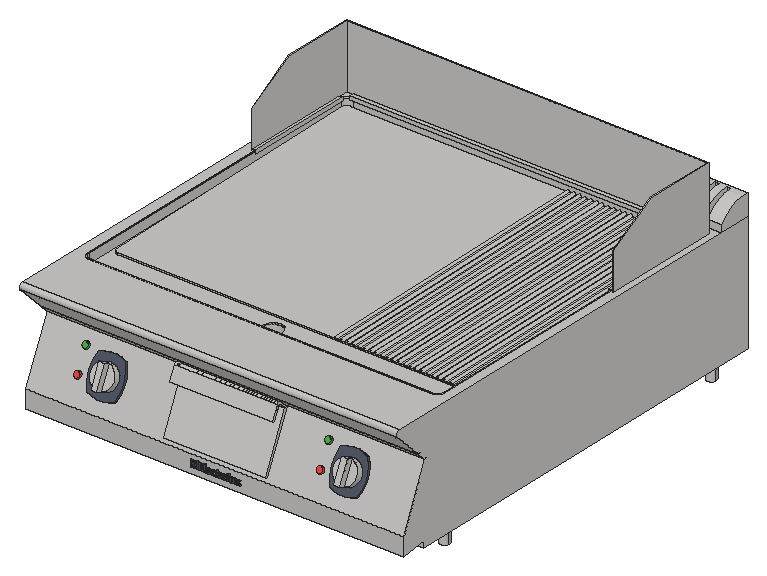
Revit family "QF_ELECTROLUXPROFESSIONAL_391177_E9FTEHCP0N", category Specialty Equipment, Revit 2018
Family settings
  Round Connector Dimension = Use Diameter
  Part Type = Normal
  Work Plane-Based = No
  Always vertical = Yes
  Cut with Voids When Loaded = No
  Shared = No
  Room Calculation Point = No
Parameters
  Width = 800 mm  # constant formula
  Weight in Pounds = 105  # constant formula
  Watts = 15000 VA  # 15000 W
  Volts = 230 V  # constant formula
  URL Cutsheet = "www.electrolux.com"
  URL = "www.electrolux.com"
  Type Mark [instance] = ""
  Status [instance] = ""
  Specification by User [instance] = ""
  Specification by Manufacturer = ""
  Show Logo [instance] = yes
  Show Clearance [instance] = yes
  Serial Number = ""
  Seismic Rating = ""
  SMACNA No = ""
  Revision Code [instance] = ""
  Phase = 3
  Omniclass Number and Title = ""
  Number of Poles [instance] = 1
  NAFEM Spec ID Number = ""
  Model = "391177"
  Min Ckt Ampacity = 0 A
  Max Overcurrent Protection = 0 A
  Masterspec = ""
  Manufacturer = "ELECTROLUX"
  Item Number [instance] = ""
  Installed By [instance] = ""
  Identify Quantity as Lot [instance] = yes
  HP = "20.1 HP"
  Furnished By [instance] = ""
  Foodservice Equipment Identifier [instance] = yes
  FL Amps = if(Phase = 3, Watts / (Volts * 1.73), Watts / Volts)  # 37.6979 A
  Electrical Remarks [instance] = "230 V/3 ph/50/60 Hz"  # constant formula
  Electric Connection Type [instance] = ""
  Elec Conn RI Height [instance] = 0 mm
  Elec Conn Connection Height [instance] = 0 mm
  Direct Waste Size = 0"
  Description = "900XP FULL MODULE ELECTRIC FRY TOP,2/3 SMOOTH - 1/3 RIBBED SLOPED PLATE,CHROMIUM PLATED - 230 V"
  Depth = 930 mm  # constant formula
  Cycle = if([60 Hertz Option], 60 Hz, 50 Hz)  # 50 Hz
  Conn Plug = ""
  Conn Conduit = yes
  CSI MasterFormat = ""
  CSI Master Format = ""
  Apparent Power = if(Phase = 3, Volts * FL Amps * 1.73, Volts * FL Amps)  # 15000 VA
  60 Hertz Option = not([50 Hertz Option])  # no
  50 Hertz Option = yes
Reference planes
  plane 1 "BACK": y = 0
  plane 2: z = 0
  plane 3 "LEFT": x = 0
  plane 4 "RIGHT": x = 800
  plane 5 "FRONT": y = -930
  plane 6 "TOP": z = 275
  plane 7 "Center Y": x = 400
  plane 8 "Center X": y = -465
  plane 9: y = -1045
  plane 10: z = 24
  plane 11: z = 290
  plane 12: z = 410
  plane 13: x = 11
  plane 14: x = 789
  plane 15: x = 740
Forms (mm)
  Extrusion 1, solid, material "QF_Finishes_Stainless Steel"
    sketch origin (0, 0, 0) x (0, 1, 0) y (0, 0, 1)
      loop
        line (0, 275) -> (-922.686, 275)
        arc (-922.686, 275) -> (-929.443, 270.485) -> (-927.858, 262.514) r 7.314
        line (-927.858, 262.514) -> (-873.907, 208.563) -> (-865.773, 208.563) -> (-865.773, 206.447) -> (-871.79, 206.447) -> (-858.907, 193.563) -> (-850.773, 193.563) -> (-850.773, 191.447) -> (-856.79, 191.447) -> (-913.146, 69.003) -> (-913.146, 30.903) -> (-859.774, 36.513) -> (-859.774, 24) -> (0, 24) -> (0, 275)
    from 0 to 800
  Extrusion 2, solid, material "QF_Finishes_Stainless Steel"
    sketch origin (0, 0, 0) x (1, 0, 0) y (0, 1, 0)
      loop
        circle (11, -82) r 9.525
      loop
        circle (11, -790) r 9.525
      loop
        circle (789, -82) r 9.525
      loop
        circle (789, -790) r 9.525
    from 0 to 24
  Extrusion 3, solid, material "QF_Finishes_Stainless Steel"
    sketch origin (635, 190.152, 275) x (0, -1, 0) y (1, 0, 0)
      loop
        line (273.542, 147.97) -> (273.542, -617.97) -> (275.13, -617.97) -> (275.13, 147.97) -> (273.542, 147.97)
    from 0 to 135
  Extrusion 4, void
    sketch origin (0, 0, 275) x (0, -1, 0) y (1, 0, 0)
      loop
        arc (92.539, 37.03) -> (96.932, 26.423) -> (107.539, 22.03) r 15
        line (107.539, 22.03) -> (777.539, 22.03)
        arc (777.539, 22.03) -> (788.145, 26.423) -> (792.539, 37.03) r 15
        line (792.539, 37.03) -> (792.539, 762.97)
        arc (792.539, 762.97) -> (788.145, 773.577) -> (777.539, 777.97) r 15
        line (777.539, 777.97) -> (107.539, 777.97)
        arc (107.539, 777.97) -> (96.932, 773.577) -> (92.539, 762.97) r 15
        line (92.539, 762.97) -> (92.539, 37.03)
    from 0 to -21.588
  Sweep 5, solid, material "QF_Finishes_Stainless Steel"
    path origin (0, 0, 0) x (1, 0, 0) y (0, 1, 0)
      loop
        line (22.03, -107.539) -> (22.03, -777.539)
        arc (22.03, -777.539) -> (26.423, -788.145) -> (37.03, -792.539) r 15
        line (37.03, -792.539) -> (762.97, -792.539)
        arc (762.97, -792.539) -> (773.577, -788.145) -> (777.97, -777.539) r 15
        line (777.97, -777.539) -> (777.97, -107.539)
        arc (777.97, -107.539) -> (773.577, -96.932) -> (762.97, -92.539) r 15
        line (762.97, -92.539) -> (37.03, -92.539)
        arc (37.03, -92.539) -> (26.423, -96.932) -> (22.03, -107.539) r 15
    profile origin (22.03, -442.539, 0) x (1, 0, 0) y (0, 0, 1)
      loop
        line (0, 255) -> (1.588, 255) -> (1.588, 272.855)
        arc (1.588, 272.855) -> (1.147, 274.189) -> (0, 275) r 2.242
        line (0, 275) -> (0, 255)
  Extrusion 6, solid, material "QF_Finishes_Stainless Steel"
    sketch origin (0, 0, 0) x (1, 0, 0) y (0, 0, 1)
      loop
        line (17.03, 275.856) -> (23.926, 275.856) -> (23.926, 270.856) -> (25.514, 270.856) -> (25.514, 277.444) -> (17.03, 277.444) -> (17.03, 275.856)
      loop
        line (782.97, 275.856) -> (782.97, 277.444) -> (774.486, 277.444) -> (774.486, 270.856) -> (776.074, 270.856) -> (776.074, 275.856) -> (782.97, 275.856)
    from 105.541 to 335.39
  Extrusion 7, solid, material "QF_Finishes_Stainless Steel"
    sketch origin (0, 0, 0) x (0, 1, 0) y (0, 0, 1)
      loop
        line (-94.126, 270.856) -> (-94.126, 275.856) -> (-84.978, 275.856) -> (-84.978, 277.444) -> (-95.714, 277.444) -> (-95.714, 270.856) -> (-94.126, 270.856)
    from 32.03 to 767.97
  Extrusion 8, solid, material "QF_Finishes_Stainless Steel"
    sketch origin (0, -101.6, 24) x (-1, 0, 0) y (0, 1, 0)
      loop
        circle (-740, -482.4) r 6.35
    from 0 to 5
  Extrusion 9, solid, material "QF_Clearances", visible <- "Show Clearance", detail levels coarse
    sketch origin (0, 0, 0) x (1, 0, 0) y (0, 1, 0)
      loop
        line (0, 0) -> (800, 0) -> (800, -930) -> (900, -930) -> (900, 100) -> (-100, 100) -> (-100, -930) -> (0, -930) -> (0, 0)
    from 0 to 410
  Extrusion 10, solid, material "QF_Finishes_Stainless Steel"
    sketch origin (0, 0, 0) x (0, 1, 0) y (0, 0, 1)
      loop
        line (-792.539, 255) -> (-792.539, 253.413) -> (-92.539, 253.413) -> (-92.539, 255) -> (-792.539, 255)
    from 22.03 to 777.97
  Extrusion 11, solid, material "QF_Finishes_Stainless Steel"
    sketch origin (408.514, 0, 0) x (0, 1, 0) y (0, 0, 1)
      loop
        line (-858.205, 188.372) -> (-874.612, 204.778)
        arc (-874.612, 204.778) -> (-879.079, 206.181) -> (-882.783, 203.316) r 5.058
        line (-882.783, 203.316) -> (-895.445, 175.806) -> (-892.561, 174.479) -> (-879.899, 201.989)
        arc (-879.899, 201.989) -> (-878.52, 203.055) -> (-876.857, 202.533) r 1.883
        line (-876.857, 202.533) -> (-862.014, 187.69) -> (-912.848, 77.245) -> (-909.964, 75.918) -> (-858.205, 188.372)
    from -117.029 to 100
  Extrusion 12, solid, material "QF_Door-Drawer Clearances", visible <- "Show Clearance", detail levels coarse
    sketch origin (408.514, 0, 0) x (0, 1, 0) y (0, 0, 1)
      loop
        line (-1024.713, 174.479) -> (-1012.051, 201.989)
        arc (-1012.051, 201.989) -> (-1010.672, 203.055) -> (-1009.009, 202.533) r 1.883
        line (-1009.009, 202.533) -> (-994.166, 187.69) -> (-1045, 77.245) -> (-1042.116, 75.918) -> (-909.964, 75.918) -> (-858.205, 188.372) -> (-874.612, 204.778)
        arc (-874.612, 204.778) -> (-875.847, 205.685) -> (-877.298, 206.181) r 5.058
        line (-877.298, 206.181) -> (-1011.231, 206.181)
        arc (-1011.231, 206.181) -> (-1013.435, 205.203) -> (-1014.935, 203.316) r 5.058
        line (-1014.935, 203.316) -> (-1027.597, 175.806) -> (-1024.713, 174.479)
    from -117.029 to 100
  Extrusion 13, void
    sketch origin (328.121, 0, 0) x (1, 0, 0) y (0, 1, 0)
      loop
        circle (71.879, -758.736) r 20
    from 235.859 to 256.719
  Extrusion 14, solid, material "QF_Finishes_Stainless Steel"
    sketch origin (0, 0, 0) x (0, 1, 0) y (0, 0, 1)
      loop
        line (-83.39, 410) -> (-235.39, 410) -> (-335.39, 352.265) -> (-335.39, 275) -> (-83.39, 275) -> (-83.39, 410)
    from 15.442 to 17.03
  Extrusion 15, solid, material "QF_Finishes_Navy Blue"
    sketch origin (302.956, -912.449, 70.59) x (0, 0.419232, 0.907879) y (-1, 0, 0)
      loop
        arc (102.26, -332.62) -> (66.843, -325.139) -> (31.333, -332.16) r 90.355
        arc (31.333, -332.16) -> (24.504, -361.269) -> (31.333, -390.378) r 65.456
        arc (31.333, -390.378) -> (66.877, -399.452) -> (102.26, -389.765) r 71.728
        arc (102.26, -389.765) -> (108.852, -361.193) -> (102.26, -332.62) r 65.22
    from 0 to 3.175
  Extrusion 16, solid, material "QF_Finishes_Stainless Steel"
    sketch origin (504.206, -916.163, 70.121) x (0, 0.419232, 0.907879) y (-1, 0, 0)
      loop
        circle (68.826, -160.963) r 25.4
    from 0 to 12.7
  Extrusion 17, solid, material "QF_Finishes_Stainless Steel"
    sketch origin (504.206, -927.693, 75.445) x (0, 0.419232, 0.907879) y (-1, 0, 0)
      loop
        arc (93.558, -166.749) -> (94.226, -160.963) -> (93.558, -155.177) r 25.4
        line (93.558, -155.177) -> (44.094, -155.177)
        arc (44.094, -155.177) -> (43.426, -160.963) -> (44.094, -166.749) r 25.4
        line (44.094, -166.749) -> (93.558, -166.749)
    from 0 to 12.7
  Extrusion 18, solid, material "QF_Finishes_Green"
    sketch origin (316.698, -908.494, 79.155) x (0, 0.419232, 0.907879) y (-1, 0, 0)
      loop
        circle (94.749, -290.848) r 6.35
    from 0 to 3.175
  Extrusion 19, solid, material "QF_Finishes_Red"
    sketch origin (316.698, -930.457, 31.593) x (0, 0.419232, 0.907879) y (-1, 0, 0)
      loop
        circle (95.112, -290.848) r 6.35
    from 0 to 3.175
  Extrusion 20, solid, material "QF_Finishes_Stainless Steel"
    sketch origin (800, 0, 0) x (0, 1, 0) y (0, 0, -1)
      loop
        line (-83.39, -410) -> (-83.39, -275) -> (-335.39, -275) -> (-335.39, -352.265) -> (-235.39, -410) -> (-83.39, -410)
    from 15.442 to 17.03
  Extrusion 21, solid, material "QF_Finishes_Navy Blue"
    sketch origin (-212.044, -912.449, 70.59) x (0, 0.419232, 0.907879) y (-1, 0, 0)
      loop
        arc (102.26, -332.62) -> (66.843, -325.139) -> (31.333, -332.16) r 90.355
        arc (31.333, -332.16) -> (24.504, -361.269) -> (31.333, -390.378) r 65.456
        arc (31.333, -390.378) -> (66.877, -399.452) -> (102.26, -389.765) r 71.728
        arc (102.26, -389.765) -> (108.852, -361.193) -> (102.26, -332.62) r 65.22
    from 0 to 3.175
  Extrusion 22, solid, material "QF_Finishes_Stainless Steel"
    sketch origin (-10.794, -916.163, 70.121) x (0, 0.419232, 0.907879) y (-1, 0, 0)
      loop
        circle (68.826, -160.963) r 25.4
    from 0 to 12.7
  Extrusion 23, solid, material "QF_Finishes_Stainless Steel"
    sketch origin (-10.794, -927.693, 75.445) x (0, 0.419232, 0.907879) y (-1, 0, 0)
      loop
        arc (93.558, -166.749) -> (94.226, -160.963) -> (93.558, -155.177) r 25.4
        line (93.558, -155.177) -> (44.094, -155.177)
        arc (44.094, -155.177) -> (43.426, -160.963) -> (44.094, -166.749) r 25.4
        line (44.094, -166.749) -> (93.558, -166.749)
    from 0 to 12.7
  Extrusion 24, solid, material "QF_Finishes_Green"
    sketch origin (-198.302, -908.494, 79.155) x (0, 0.419232, 0.907879) y (-1, 0, 0)
      loop
        circle (94.749, -290.848) r 6.35
    from 0 to 3.175
  Extrusion 25, solid, material "QF_Finishes_Red"
    sketch origin (-198.302, -930.457, 31.593) x (0, 0.419232, 0.907879) y (-1, 0, 0)
      loop
        circle (95.112, -290.848) r 6.35
    from 0 to 3.175
  Extrusion 26, solid, material "QF_Finishes_Stainless Steel"
    sketch origin (0, 0, -10.038) x (0, 1, 0) y (0, 0, 1)
      loop
        line (0, 285.038) -> (0, 331.738)
        arc (0, 331.738) -> (-38.857, 324.552) -> (-69.85, 300.038) r 82.056
        line (-69.85, 300.038) -> (-69.85, 285.038) -> (0, 285.038)
    from 0 to 400
  Extrusion 27, void
    sketch origin (0, 0, 264.6) x (0, -1, 0) y (1, 0, 0)
      loop
        line (6.761, 29.703) -> (63.911, 29.703) -> (63.911, 38.999) -> (6.761, 38.999) -> (6.761, 29.703)
      loop
        line (63.911, 64.487) -> (6.761, 64.487) -> (6.761, 55.191) -> (63.911, 55.191) -> (63.911, 64.487)
      loop
        line (63.911, 89.975) -> (6.761, 89.975) -> (6.761, 80.68) -> (63.911, 80.68) -> (63.911, 89.975)
      loop
        line (63.911, 115.464) -> (6.761, 115.464) -> (6.761, 106.168) -> (63.911, 106.168) -> (63.911, 115.464)
      loop
        line (63.911, 140.952) -> (6.761, 140.952) -> (6.761, 131.656) -> (63.911, 131.656) -> (63.911, 140.952)
      loop
        line (63.911, 166.44) -> (6.761, 166.44) -> (6.761, 157.145) -> (63.911, 157.145) -> (63.911, 166.44)
      loop
        line (63.911, 191.929) -> (6.761, 191.929) -> (6.761, 182.633) -> (63.911, 182.633) -> (63.911, 191.929)
      loop
        line (63.911, 217.417) -> (6.761, 217.417) -> (6.761, 208.121) -> (63.911, 208.121) -> (63.911, 217.417)
      loop
        line (63.911, 242.905) -> (6.761, 242.905) -> (6.761, 233.61) -> (63.911, 233.61) -> (63.911, 242.905)
      loop
        line (63.911, 268.394) -> (6.761, 268.394) -> (6.761, 259.098) -> (63.911, 259.098) -> (63.911, 268.394)
      loop
        line (63.911, 293.882) -> (6.761, 293.882) -> (6.761, 284.586) -> (63.911, 284.586) -> (63.911, 293.882)
      loop
        line (63.911, 319.37) -> (6.761, 319.37) -> (6.761, 310.075) -> (63.911, 310.075) -> (63.911, 319.37)
      loop
        line (63.911, 344.859) -> (6.761, 344.859) -> (6.761, 335.563) -> (63.911, 335.563) -> (63.911, 344.859)
      loop
        line (63.911, 370.347) -> (6.761, 370.347) -> (6.761, 361.051) -> (63.911, 361.051) -> (63.911, 370.347)
    from 25.4 to 63.5
  Extrusion 28, solid, material "QF_Finishes_Stainless Steel"
    sketch origin (800, 0, -10.038) x (0, 1, 0) y (0, 0, -1)
      loop
        line (0, -285.038) -> (-69.85, -285.038) -> (-69.85, -300.038)
        arc (-69.85, -300.038) -> (-38.857, -324.552) -> (0, -331.738) r 82.056
        line (0, -331.738) -> (0, -285.038)
    from 0 to 400
  Extrusion 29, void
    sketch origin (800, 0, 264.6) x (0, -1, 0) y (1, 0, 0)
      loop
        line (6.761, -29.703) -> (6.761, -38.999) -> (63.911, -38.999) -> (63.911, -29.703) -> (6.761, -29.703)
      loop
        line (63.911, -64.487) -> (63.911, -55.191) -> (6.761, -55.191) -> (6.761, -64.487) -> (63.911, -64.487)
      loop
        line (63.911, -89.975) -> (63.911, -80.68) -> (6.761, -80.68) -> (6.761, -89.975) -> (63.911, -89.975)
      loop
        line (63.911, -115.464) -> (63.911, -106.168) -> (6.761, -106.168) -> (6.761, -115.464) -> (63.911, -115.464)
      loop
        line (63.911, -140.952) -> (63.911, -131.656) -> (6.761, -131.656) -> (6.761, -140.952) -> (63.911, -140.952)
      loop
        line (63.911, -166.44) -> (63.911, -157.145) -> (6.761, -157.145) -> (6.761, -166.44) -> (63.911, -166.44)
      loop
        line (63.911, -191.929) -> (63.911, -182.633) -> (6.761, -182.633) -> (6.761, -191.929) -> (63.911, -191.929)
      loop
        line (63.911, -217.417) -> (63.911, -208.121) -> (6.761, -208.121) -> (6.761, -217.417) -> (63.911, -217.417)
      loop
        line (63.911, -242.905) -> (63.911, -233.61) -> (6.761, -233.61) -> (6.761, -242.905) -> (63.911, -242.905)
      loop
        line (63.911, -268.394) -> (63.911, -259.098) -> (6.761, -259.098) -> (6.761, -268.394) -> (63.911, -268.394)
      loop
        line (63.911, -293.882) -> (63.911, -284.586) -> (6.761, -284.586) -> (6.761, -293.882) -> (63.911, -293.882)
      loop
        line (63.911, -319.37) -> (63.911, -310.075) -> (6.761, -310.075) -> (6.761, -319.37) -> (63.911, -319.37)
      loop
        line (63.911, -344.859) -> (63.911, -335.563) -> (6.761, -335.563) -> (6.761, -344.859) -> (63.911, -344.859)
      loop
        line (63.911, -370.347) -> (63.911, -361.051) -> (6.761, -361.051) -> (6.761, -370.347) -> (63.911, -370.347)
    from 25.4 to 63.5
  Extrusion 30, solid, material "QF_Finishes_Stainless Steel"
    sketch origin (0, 0, 0) x (0, 1, 0) y (0, 0, 1)
      loop
        line (-722.539, 256.999) -> (-722.539, 255) -> (-105.406, 255) -> (-105.406, 265.217) -> (-722.539, 256.999)
    from 32.03 to 767.97
  Sweep 31, solid, material "QF_Finishes_Stainless Steel"
    path origin (1197.595, 30.508, -0.106) x (0, 1, 0) y (0, 0, -1)
      loop
        line (-135.915, -265.323) -> (-752.997, -257.106)
    profile origin (1197.595, -413.948, 261.109) x (0, -0.013315, 0.999911) y (-1, 0, 0)
      loop
        line (0, 662.144) -> (0, 654.391) -> (3.736, 658.268) -> (0, 662.144)
      loop
        line (0, 650.01) -> (0, 642.256) -> (3.736, 646.133) -> (0, 650.01)
      loop
        line (0, 637.875) -> (0, 630.122) -> (3.736, 633.999) -> (0, 637.875)
      loop
        line (0, 625.741) -> (0, 617.987) -> (3.736, 621.864) -> (0, 625.741)
      loop
        line (0, 613.606) -> (0, 605.853) -> (3.736, 609.73) -> (0, 613.606)
      loop
        line (0, 601.472) -> (0, 593.718) -> (3.736, 597.595) -> (0, 601.472)
      loop
        line (0, 589.337) -> (0, 581.584) -> (3.736, 585.46) -> (0, 589.337)
      loop
        line (0, 577.203) -> (0, 569.449) -> (3.736, 573.326) -> (0, 577.203)
      loop
        line (0, 565.068) -> (0, 557.315) -> (3.736, 561.191) -> (0, 565.068)
      loop
        line (0, 552.934) -> (0, 545.18) -> (3.736, 549.057) -> (0, 552.934)
      loop
        line (0, 540.799) -> (0, 533.046) -> (3.736, 536.922) -> (0, 540.799)
      loop
        line (0, 528.665) -> (0, 520.911) -> (3.736, 524.788) -> (0, 528.665)
      loop
        line (0, 516.53) -> (0, 508.777) -> (3.736, 512.653) -> (0, 516.53)
      loop
        line (0, 504.396) -> (0, 496.642) -> (3.736, 500.519) -> (0, 504.396)
      loop
        line (0, 492.261) -> (0, 484.508) -> (3.736, 488.384) -> (0, 492.261)
      loop
        line (0, 480.127) -> (0, 472.373) -> (3.736, 476.25) -> (0, 480.127)
      loop
        line (0, 467.992) -> (0, 460.239) -> (3.736, 464.115) -> (0, 467.992)
      loop
        line (0, 455.857) -> (0, 448.104) -> (3.736, 451.981) -> (0, 455.857)
      loop
        line (0, 443.723) -> (0, 435.969) -> (3.736, 439.846) -> (0, 443.723)
      loop
        line (0, 686.413) -> (0, 678.66) -> (3.736, 682.537) -> (0, 686.413)
      loop
        line (0, 674.279) -> (0, 666.525) -> (3.736, 670.402) -> (0, 674.279)
      loop
        line (0, 698.548) -> (0, 690.794) -> (3.736, 694.671) -> (0, 698.548)
  Extrusion 32, void
    sketch origin (0, 0, 0) x (1, 0, 0) y (0, 1, 0)
      loop
        arc (42.03, -722.539) -> (34.958, -719.61) -> (32.03, -712.539) r 10
        line (32.03, -712.539) -> (32.03, -722.539) -> (42.03, -722.539)
      loop
        line (757.97, -722.539) -> (767.97, -722.539) -> (767.97, -712.539)
        arc (767.97, -712.539) -> (765.042, -719.61) -> (757.97, -722.539) r 10
      loop
        line (42.03, -105.406) -> (32.03, -105.406) -> (32.03, -115.406)
        arc (32.03, -115.406) -> (34.958, -108.335) -> (42.03, -105.406) r 10
      loop
        arc (757.97, -105.406) -> (765.042, -108.335) -> (767.97, -115.406) r 10
        line (767.97, -115.406) -> (767.97, -105.406) -> (757.97, -105.406)
    from 255 to 270.856
  Extrusion 33, solid, material "QF_Finishes_Navy Blue", visible <- "Show Logo"
    sketch origin (0, -913.146, 30.903) x (0, 0, 1) y (-1, 0, 0)
      loop
        line (27.024, -359.055) -> (14.657, -359.055)
        arc (14.657, -359.055) -> (20.841, -363.626) -> (27.024, -359.055) r 6.467
      loop
        arc (27.024, -358.426) -> (25.855, -353.283) -> (21.199, -350.805) r 6.338
        line (21.199, -350.805) -> (21.199, -352.851)
        arc (21.199, -352.851) -> (22.683, -356.506) -> (26.128, -358.426) r 5.941
        line (26.128, -358.426) -> (27.024, -358.426)
      loop
        arc (15.553, -358.426) -> (18.998, -356.506) -> (20.482, -352.851) r 5.941
        line (20.482, -352.851) -> (20.482, -350.805)
        arc (20.482, -350.805) -> (15.788, -353.279) -> (14.498, -358.426) r 6.504
        line (14.498, -358.426) -> (15.553, -358.426)
      loop
        line (27.699, -350.336) -> (13.954, -350.336) -> (13.954, -364.099) -> (27.699, -364.099) -> (27.699, -350.336)
      loop
        arc (27.782, -367.066) -> (27.435, -366.709) -> (27.068, -367.047) r 0.358
        arc (27.068, -367.047) -> (26.754, -367.797) -> (26.037, -368.182) r 1.216
        line (26.037, -368.182) -> (15.624, -368.182)
        arc (15.624, -368.182) -> (14.964, -367.904) -> (14.568, -367.308) r 1.238
        arc (14.568, -367.308) -> (14.173, -367.057) -> (13.868, -367.411) r 0.358
        line (13.868, -367.411) -> (13.868, -377.29) -> (16.619, -377.29) -> (16.619, -376.393)
        arc (16.619, -376.393) -> (15.71, -375.813) -> (15.254, -374.836) r 1.928
        line (15.254, -374.836) -> (15.254, -372.337)
        arc (15.254, -372.337) -> (15.53, -371.608) -> (16.218, -371.244) r 1.101
        line (16.218, -371.244) -> (20.305, -371.244) -> (20.305, -374.917)
        arc (20.305, -374.917) -> (19.952, -375.414) -> (19.387, -375.642) r 1.083
        arc (19.387, -375.642) -> (19.123, -375.948) -> (19.415, -376.226) r 0.292
        line (19.415, -376.226) -> (22.378, -376.226)
        arc (22.378, -376.226) -> (22.68, -375.953) -> (22.442, -375.623) r 0.305
        arc (22.442, -375.623) -> (21.951, -375.375) -> (21.646, -374.917) r 1.083
        line (21.646, -374.917) -> (21.646, -371.244) -> (26.323, -371.244) -> (26.323, -374.991)
        arc (26.323, -374.991) -> (26.109, -375.747) -> (25.503, -376.245) r 1.314
        arc (25.503, -376.245) -> (25.284, -376.649) -> (25.638, -376.941) r 0.361
        line (25.638, -376.941) -> (27.782, -376.941) -> (27.782, -367.066)
      loop
        arc (27.065, -377.722) -> (26.685, -378.641) -> (25.766, -379.021) r 1.299
        line (25.766, -379.021) -> (16.187, -379.021)
        arc (16.187, -379.021) -> (15.349, -378.643) -> (15.078, -377.765) r 1.118
        line (15.078, -377.765) -> (13.868, -377.765) -> (13.868, -383.115) -> (15.056, -383.115)
        arc (15.056, -383.115) -> (15.328, -382.198) -> (16.198, -381.802) r 1.153
        line (16.198, -381.802) -> (28.27, -381.802) -> (27.065, -377.722)
      loop
        line (18.833, -385.751) -> (18.833, -392.198) -> (19.632, -392.198)
        arc (19.632, -392.198) -> (22.212, -391.214) -> (23.481, -388.76) r 3.874
        line (23.481, -388.76) -> (23.481, -387)
        arc (23.481, -387) -> (22.294, -384.135) -> (19.43, -382.949) r 4.051
        line (19.43, -382.949) -> (17.422, -382.949)
        arc (17.422, -382.949) -> (14.603, -384.434) -> (13.552, -387.441) r 4.352
        arc (13.552, -387.441) -> (13.916, -389.904) -> (15.293, -391.978) r 5.713
        line (15.293, -391.978) -> (16.242, -391.978)
        arc (16.242, -391.978) -> (15.51, -390.409) -> (15.293, -388.691) r 5.579
        arc (15.293, -388.691) -> (16.087, -386.728) -> (17.966, -385.751) r 3.057
        line (17.966, -385.751) -> (18.833, -385.751)
      loop
        line (20.092, -385.751) -> (20.092, -389.333)
        arc (20.092, -389.333) -> (21.549, -389.38) -> (22.432, -388.221) r 1.59
        line (22.432, -388.221) -> (22.432, -387.391)
        arc (22.432, -387.391) -> (21.567, -386.136) -> (20.092, -385.751) r 2.184
      loop
        arc (22.883, -401.616) -> (23.372, -399.942) -> (23.529, -398.205) r 9.023
        line (23.529, -398.205) -> (23.529, -396.843)
        arc (23.529, -396.843) -> (22.37, -394.043) -> (19.57, -392.883) r 3.959
        line (19.57, -392.883) -> (16.97, -392.883)
        arc (16.97, -392.883) -> (14.688, -394.176) -> (13.571, -396.549) r 4.331
        line (13.571, -396.549) -> (13.571, -398.684)
        arc (13.571, -398.684) -> (14.079, -400.234) -> (15.001, -401.58) r 5.772
        arc (15.001, -401.58) -> (15.762, -401.631) -> (15.849, -400.872) r 0.553
        arc (15.849, -400.872) -> (15.461, -400.138) -> (15.327, -399.319) r 2.573
        line (15.327, -399.319) -> (15.327, -397.804)
        arc (15.327, -397.804) -> (16.333, -396.162) -> (18.148, -395.52) r 2.884
        line (18.148, -395.52) -> (19.427, -395.52)
        arc (19.427, -395.52) -> (21.248, -396.08) -> (22.174, -397.745) r 2.554
        line (22.174, -397.745) -> (22.174, -398.798)
        arc (22.174, -398.798) -> (21.843, -399.726) -> (21.186, -400.461) r 2.564
        arc (21.186, -400.461) -> (20.964, -401.178) -> (21.573, -401.616) r 0.643
        line (21.573, -401.616) -> (22.883, -401.616)
      loop
        line (21.865, -401.886) -> (21.865, -403.387) -> (15.817, -403.387)
        arc (15.817, -403.387) -> (14.229, -404.045) -> (13.571, -405.633) r 2.246
        line (13.571, -405.633) -> (13.571, -407.217)
        arc (13.571, -407.217) -> (13.885, -408.081) -> (14.385, -408.853) r 4.06
        arc (14.385, -408.853) -> (15.118, -408.986) -> (15.369, -408.285) r 0.576
        arc (15.369, -408.285) -> (15.263, -407.759) -> (15.327, -407.227) r 1.69
        arc (15.327, -407.227) -> (15.869, -406.439) -> (16.775, -406.136) r 1.506
        line (16.775, -406.136) -> (21.913, -406.136) -> (21.913, -408.533) -> (22.469, -409.089) -> (23.291, -409.089) -> (23.291, -406.23) -> (26.522, -406.23) -> (21.865, -401.886)
      loop
        line (13.788, -409.987) -> (13.788, -415.374) -> (14.898, -415.374)
        arc (14.898, -415.374) -> (15.292, -414.423) -> (16.243, -414.029) r 1.345
        line (16.243, -414.029) -> (19.859, -414.029)
        arc (19.859, -414.029) -> (20.624, -414.621) -> (20.914, -415.543) r 1.615
        line (20.914, -415.543) -> (20.914, -417.099) -> (23.469, -417.784) -> (23.469, -416.401) -> (21.527, -413.842) -> (23.407, -413.842) -> (23.123, -411.136)
        arc (23.123, -411.136) -> (22.683, -410.606) -> (22.024, -410.807) r 0.621
        arc (22.024, -410.807) -> (21.624, -411.149) -> (21.13, -411.332) r 1.501
        line (21.13, -411.332) -> (16.243, -411.332)
        arc (16.243, -411.332) -> (15.292, -410.938) -> (14.898, -409.987) r 1.345
        line (14.898, -409.987) -> (13.788, -409.987)
      loop
        line (19.89, -417.321) -> (17.198, -417.321)
        arc (17.198, -417.321) -> (14.753, -418.629) -> (13.619, -421.159) r 4.288
        arc (13.619, -421.159) -> (13.555, -422.54) -> (13.619, -423.92) r 15.022
        arc (13.619, -423.92) -> (14.753, -426.451) -> (17.198, -427.758) r 4.288
        line (17.198, -427.758) -> (19.89, -427.758)
        arc (19.89, -427.758) -> (22.336, -426.451) -> (23.469, -423.92) r 4.288
        arc (23.469, -423.92) -> (23.533, -422.54) -> (23.469, -421.159) r 15.022
        arc (23.469, -421.159) -> (22.336, -418.629) -> (19.89, -417.321) r 4.288
      loop
        line (20.095, -420.435) -> (16.993, -420.435)
        arc (16.993, -420.435) -> (14.836, -422.592) -> (16.993, -424.749) r 2.157
        line (16.993, -424.749) -> (20.095, -424.749)
        arc (20.095, -424.749) -> (22.252, -422.592) -> (20.095, -420.435) r 2.157
      loop
        arc (27.076, -427.616) -> (26.705, -428.51) -> (25.811, -428.881) r 1.264
        line (25.811, -428.881) -> (15.947, -428.881)
        arc (15.947, -428.881) -> (15.077, -428.484) -> (14.805, -427.568) r 1.153
        line (14.805, -427.568) -> (13.868, -427.568) -> (13.868, -432.676) -> (14.796, -432.676)
        arc (14.796, -432.676) -> (15.155, -431.904) -> (15.947, -431.589) r 1.153
        line (15.947, -431.589) -> (28.27, -431.589) -> (27.076, -427.616)
      loop
        arc (22.196, -432.213) -> (21.997, -433.278) -> (21.028, -433.76) r 1.215
        line (21.028, -433.76) -> (16.008, -433.76)
        arc (16.008, -433.76) -> (14.393, -434.407) -> (13.672, -435.99) r 2.338
        line (13.672, -435.99) -> (13.672, -437.505)
        arc (13.672, -437.505) -> (13.847, -438.509) -> (14.349, -439.395) r 2.979
        line (14.349, -439.395) -> (13.868, -441.192) -> (13.868, -442.88) -> (23.293, -442.88) -> (22.999, -438.677) -> (22.213, -438.677)
        arc (22.213, -438.677) -> (21.857, -439.513) -> (21.105, -440.022) r 1.605
        line (21.105, -440.022) -> (16.002, -440.022)
        arc (16.002, -440.022) -> (15.582, -439.085) -> (15.509, -438.061) r 2.94
        arc (15.509, -438.061) -> (16.07, -436.96) -> (17.223, -436.517) r 1.724
        line (17.223, -436.517) -> (23.42, -436.517) -> (22.196, -432.213)
      loop
        line (23.224, -443.734) -> (21.552, -445.78) -> (18.378, -448.086) -> (14.922, -444.974)
        arc (14.922, -444.974) -> (14.685, -444.58) -> (14.707, -444.121) r 0.789
        line (14.707, -444.121) -> (13.868, -444.121) -> (13.868, -447.666) -> (14.694, -447.666)
        arc (14.694, -447.666) -> (15.036, -447.304) -> (15.526, -447.396) r 0.52
        line (15.526, -447.396) -> (17.326, -448.867) -> (15.208, -450.242)
        arc (15.208, -450.242) -> (14.807, -449.932) -> (14.72, -449.433) r 0.7
        line (14.72, -449.433) -> (13.868, -449.433) -> (13.868, -455.36) -> (14.755, -455.36)
        arc (14.755, -455.36) -> (14.822, -454.701) -> (15.216, -454.17) r 1.247
        line (15.216, -454.17) -> (19.416, -450.889) -> (21.863, -452.942) -> (23.224, -454.684) -> (23.224, -450.96) -> (21.739, -451.383) -> (20.218, -450.106) -> (21.918, -448.916) -> (23.224, -449.692) -> (23.224, -443.734)
    from 0 to 1.644
Cuts and joins
  Extrusion 4, Extrusion 13 cuts Extrusion 1
  Extrusion 13 cuts Extrusion 10
  joined: Extrusion 3, Extrusion 14, Extrusion 20
  Extrusion 27, Extrusion 29 cuts Extrusion 26
  Extrusion 29 cuts Extrusion 28
  Extrusion 32 cuts Extrusion 30
Lines and regions (mm)
  symbolic lines, style "QF_Clearances", visible <- "Show Clearance", detail levels coarse
    curve 1: line (900, -930, 0) -> (900, 100, 0)
    curve 2: line (900, 100, 0) -> (-100, 100, 0)
    curve 3: line (-100, 100, 0) -> (-100, -930, 0)
  symbolic lines, style "QF_Door-Drawer Clearances", visible <- "Show Clearance", detail levels medium+fine
    curve 4: line (327.971, -1045, 0) -> (545, -1045, 0)
  symbolic lines
    curve 5: line (0, -930, 0) -> (800, -930, 0)
    curve 6: line (800, -930, 0) -> (800, 0, 0)
    curve 7: line (800, 0, 0) -> (0, 0, 0)
    curve 8: line (0, 0, 0) -> (0, -930, 0)
    curve 9: line (762.97, -792.539, 0) -> (37.03, -792.539, 0)
    curve 10: arc (37.03, -792.539, 0) -> (26.423, -788.145, 0) -> (22.03, -777.539, 0) r 15
    curve 11: line (22.03, -777.539, 0) -> (22.03, -335.39, 0)
    curve 12: arc (22.163, -105.541, 0) -> (25.387, -98.081, 0) -> (32.03, -93.397, 0) r 15
    curve 13: arc (767.97, -93.397, 0) -> (774.613, -98.081, 0) -> (777.837, -105.541, 0) r 15
    curve 14: line (777.97, -335.39, 0) -> (777.97, -777.539, 0)
    curve 15: arc (777.97, -777.539, 0) -> (773.577, -788.145, 0) -> (762.97, -792.539, 0) r 15
    curve 16: line (757.97, -722.539, 0) -> (42.03, -722.539, 0)
    curve 17: arc (42.03, -722.539, 0) -> (34.958, -719.61, 0) -> (32.03, -712.539, 0) r 10
    curve 18: line (32.03, -712.539, 0) -> (32.03, -115.406, 0)
    curve 19: arc (32.03, -115.406, 0) -> (34.958, -108.335, 0) -> (42.03, -105.406, 0) r 10
    curve 20: line (42.03, -105.406, 0) -> (757.97, -105.406, 0)
    curve 21: arc (757.97, -105.406, 0) -> (765.042, -108.335, 0) -> (767.97, -115.406, 0) r 10
    curve 22: line (767.97, -115.406, 0) -> (767.97, -712.539, 0)
    curve 23: arc (767.97, -712.539, 0) -> (765.042, -719.61, 0) -> (757.97, -722.539, 0) r 10
    curve 24: line (15.442, -83.39, 0) -> (15.442, -335.39, 0)
    curve 25: line (784.558, -83.39, 0) -> (15.442, -83.39, 0)
    curve 26: line (784.558, -335.39, 0) -> (784.558, -83.39, 0)
    curve 27: line (767.97, -95.714, 0) -> (767.97, -83.39, 0)
    curve 28: line (32.03, -95.714, 0) -> (767.97, -95.714, 0)
    curve 29: line (32.03, -83.39, 0) -> (32.03, -95.714, 0)
    curve 30: line (784.558, -105.541, 0) -> (774.486, -105.541, 0)
    curve 31: line (25.514, -335.39, 0) -> (25.514, -105.541, 0)
    curve 32: line (15.442, -335.39, 0) -> (25.514, -335.39, 0)
    curve 33: line (774.486, -105.541, 0) -> (774.486, -335.39, 0)
    curve 34: line (774.486, -335.39, 0) -> (784.558, -335.39, 0)
    curve 35: line (25.514, -105.541, 0) -> (15.442, -105.541, 0)
    curve 36: line (38.999, -6.761, 0) -> (38.999, -63.911, 0)
    curve 37: line (38.999, -63.911, 0) -> (29.703, -63.911, 0)
    curve 38: line (29.703, -63.911, 0) -> (29.703, -6.761, 0)
    curve 39: line (29.703, -6.761, 0) -> (38.999, -6.761, 0)
    curve 40: line (55.191, -63.911, 0) -> (55.191, -6.761, 0)
    curve 41: line (55.191, -6.761, 0) -> (64.487, -6.761, 0)
    curve 42: line (64.487, -6.761, 0) -> (64.487, -63.911, 0)
    curve 43: line (64.487, -63.911, 0) -> (55.191, -63.911, 0)
    curve 44: line (89.975, -6.761, 0) -> (89.975, -63.911, 0)
    curve 45: line (89.975, -63.911, 0) -> (80.68, -63.911, 0)
    curve 46: line (80.68, -63.911, 0) -> (80.68, -6.761, 0)
    curve 47: line (80.68, -6.761, 0) -> (89.975, -6.761, 0)
    curve 48: line (115.464, -6.761, 0) -> (115.464, -63.911, 0)
    curve 49: line (115.464, -63.911, 0) -> (106.168, -63.911, 0)
    curve 50: line (106.168, -63.911, 0) -> (106.168, -6.761, 0)
    curve 51: line (106.168, -6.761, 0) -> (115.464, -6.761, 0)
    curve 52: line (140.952, -6.761, 0) -> (140.952, -63.911, 0)
    curve 53: line (140.952, -63.911, 0) -> (131.656, -63.911, 0)
    curve 54: line (131.656, -63.911, 0) -> (131.656, -6.761, 0)
    curve 55: line (131.656, -6.761, 0) -> (140.952, -6.761, 0)
    curve 56: line (166.44, -6.761, 0) -> (166.44, -63.911, 0)
    curve 57: line (166.44, -63.911, 0) -> (157.145, -63.911, 0)
    curve 58: line (157.145, -63.911, 0) -> (157.145, -6.761, 0)
    curve 59: line (157.145, -6.761, 0) -> (166.44, -6.761, 0)
    curve 60: line (191.929, -6.761, 0) -> (191.929, -63.911, 0)
    curve 61: line (191.929, -63.911, 0) -> (182.633, -63.911, 0)
    curve 62: line (182.633, -63.911, 0) -> (182.633, -6.761, 0)
    curve 63: line (182.633, -6.761, 0) -> (191.929, -6.761, 0)
    curve 64: line (208.121, -63.911, 0) -> (208.121, -6.761, 0)
    curve 65: line (208.121, -6.761, 0) -> (217.417, -6.761, 0)
    curve 66: line (217.417, -6.761, 0) -> (217.417, -63.911, 0)
    curve 67: line (217.417, -63.911, 0) -> (208.121, -63.911, 0)
    curve 68: line (767.97, -83.39, 0) -> (767.97, -95.714, 0)
    curve 69: line (361.001, -6.761, 0) -> (361.001, -63.911, 0)
    curve 70: line (361.001, -63.911, 0) -> (370.297, -63.911, 0)
    curve 71: line (370.297, -63.911, 0) -> (370.297, -6.761, 0)
    curve 72: line (370.297, -6.761, 0) -> (361.001, -6.761, 0)
    curve 73: line (344.809, -63.911, 0) -> (344.809, -6.761, 0)
    curve 74: line (344.809, -6.761, 0) -> (335.513, -6.761, 0)
    curve 75: line (335.513, -6.761, 0) -> (335.513, -63.911, 0)
    curve 76: line (335.513, -63.911, 0) -> (344.809, -63.911, 0)
    curve 77: line (310.025, -6.761, 0) -> (310.025, -63.911, 0)
    curve 78: line (310.025, -63.911, 0) -> (319.32, -63.911, 0)
    curve 79: line (319.32, -63.911, 0) -> (319.32, -6.761, 0)
    curve 80: line (319.32, -6.761, 0) -> (310.025, -6.761, 0)
    curve 81: line (284.536, -6.761, 0) -> (284.536, -63.911, 0)
    curve 82: line (284.536, -63.911, 0) -> (293.832, -63.911, 0)
    curve 83: line (293.832, -63.911, 0) -> (293.832, -6.761, 0)
    curve 84: line (293.832, -6.761, 0) -> (284.536, -6.761, 0)
    curve 85: line (259.048, -6.761, 0) -> (259.048, -63.911, 0)
    curve 86: line (259.048, -63.911, 0) -> (268.344, -63.911, 0)
    curve 87: line (268.344, -63.911, 0) -> (268.344, -6.761, 0)
    curve 88: line (268.344, -6.761, 0) -> (259.048, -6.761, 0)
    curve 89: line (233.56, -6.761, 0) -> (233.56, -63.911, 0)
    curve 90: line (233.56, -63.911, 0) -> (242.855, -63.911, 0)
    curve 91: line (242.855, -63.911, 0) -> (242.855, -6.761, 0)
    curve 92: line (242.855, -6.761, 0) -> (233.56, -6.761, 0)
    curve 93: arc (380, -758.736, 0) -> (400, -738.736, 0) -> (420, -758.736, 0) r 20
    curve 94: arc (380, -758.736, 0) -> (400, -778.736, 0) -> (420, -758.736, 0) r 20
    curve 95: arc (777.837, -105.541, 0) -> (774.613, -98.081, 0) -> (767.97, -93.397, 0) r 15
    curve 96: arc (767.97, -115.406, 0) -> (765.042, -108.335, 0) -> (757.97, -105.406, 0) r 10
    curve 97: line (767.97, -83.39, 0) -> (767.97, -95.714, 0)
    curve 98: line (761.001, -6.761, 0) -> (761.001, -63.911, 0)
    curve 99: line (761.001, -63.911, 0) -> (770.297, -63.911, 0)
    curve 100: line (770.297, -63.911, 0) -> (770.297, -6.761, 0)
    curve 101: line (770.297, -6.761, 0) -> (761.001, -6.761, 0)
    curve 102: line (744.809, -63.911, 0) -> (744.809, -6.761, 0)
    curve 103: line (744.809, -6.761, 0) -> (735.513, -6.761, 0)
    curve 104: line (735.513, -6.761, 0) -> (735.513, -63.911, 0)
    curve 105: line (735.513, -63.911, 0) -> (744.809, -63.911, 0)
    curve 106: line (710.025, -6.761, 0) -> (710.025, -63.911, 0)
    curve 107: line (710.025, -63.911, 0) -> (719.32, -63.911, 0)
    curve 108: line (719.32, -63.911, 0) -> (719.32, -6.761, 0)
    curve 109: line (719.32, -6.761, 0) -> (710.025, -6.761, 0)
    curve 110: line (684.536, -6.761, 0) -> (684.536, -63.911, 0)
    curve 111: line (684.536, -63.911, 0) -> (693.832, -63.911, 0)
    curve 112: line (693.832, -63.911, 0) -> (693.832, -6.761, 0)
    curve 113: line (693.832, -6.761, 0) -> (684.536, -6.761, 0)
    curve 114: line (659.048, -6.761, 0) -> (659.048, -63.911, 0)
    curve 115: line (659.048, -63.911, 0) -> (668.344, -63.911, 0)
    curve 116: line (668.344, -63.911, 0) -> (668.344, -6.761, 0)
    curve 117: line (668.344, -6.761, 0) -> (659.048, -6.761, 0)
    curve 118: line (633.56, -6.761, 0) -> (633.56, -63.911, 0)
    curve 119: line (633.56, -63.911, 0) -> (642.855, -63.911, 0)
    curve 120: line (642.855, -63.911, 0) -> (642.855, -6.761, 0)
    curve 121: line (642.855, -6.761, 0) -> (633.56, -6.761, 0)
    curve 122: line (608.071, -6.761, 0) -> (608.071, -63.911, 0)
    curve 123: line (608.071, -63.911, 0) -> (617.367, -63.911, 0)
    curve 124: line (617.367, -63.911, 0) -> (617.367, -6.761, 0)
    curve 125: line (617.367, -6.761, 0) -> (608.071, -6.761, 0)
    curve 126: line (591.879, -63.911, 0) -> (591.879, -6.761, 0)
    curve 127: line (591.879, -6.761, 0) -> (582.583, -6.761, 0)
    curve 128: line (582.583, -6.761, 0) -> (582.583, -63.911, 0)
    curve 129: line (582.583, -63.911, 0) -> (591.879, -63.911, 0)
    curve 130: line (438.999, -6.761, 0) -> (438.999, -63.911, 0)
    curve 131: line (438.999, -63.911, 0) -> (429.703, -63.911, 0)
    curve 132: line (429.703, -63.911, 0) -> (429.703, -6.761, 0)
    curve 133: line (429.703, -6.761, 0) -> (438.999, -6.761, 0)
    curve 134: line (455.191, -63.911, 0) -> (455.191, -6.761, 0)
    curve 135: line (455.191, -6.761, 0) -> (464.487, -6.761, 0)
    curve 136: line (464.487, -6.761, 0) -> (464.487, -63.911, 0)
    curve 137: line (464.487, -63.911, 0) -> (455.191, -63.911, 0)
    curve 138: line (489.975, -6.761, 0) -> (489.975, -63.911, 0)
    curve 139: line (489.975, -63.911, 0) -> (480.68, -63.911, 0)
    curve 140: line (480.68, -63.911, 0) -> (480.68, -6.761, 0)
    curve 141: line (480.68, -6.761, 0) -> (489.975, -6.761, 0)
    curve 142: line (515.464, -6.761, 0) -> (515.464, -63.911, 0)
    curve 143: line (515.464, -63.911, 0) -> (506.168, -63.911, 0)
    curve 144: line (506.168, -63.911, 0) -> (506.168, -6.761, 0)
    curve 145: line (506.168, -6.761, 0) -> (515.464, -6.761, 0)
    curve 146: line (540.952, -6.761, 0) -> (540.952, -63.911, 0)
    curve 147: line (540.952, -63.911, 0) -> (531.656, -63.911, 0)
    curve 148: line (531.656, -63.911, 0) -> (531.656, -6.761, 0)
    curve 149: line (531.656, -6.761, 0) -> (540.952, -6.761, 0)
    curve 150: line (566.44, -6.761, 0) -> (566.44, -63.911, 0)
    curve 151: line (566.44, -63.911, 0) -> (557.145, -63.911, 0)
    curve 152: line (557.145, -63.911, 0) -> (557.145, -6.761, 0)
    curve 153: line (557.145, -6.761, 0) -> (566.44, -6.761, 0)
    curve 154: line (757.749, -722.539, 0) -> (757.749, -105.456, 0)
    curve 155: line (745.614, -722.539, 0) -> (745.614, -105.406, 0)
    curve 156: line (733.48, -722.539, 0) -> (733.48, -105.406, 0)
    curve 157: line (721.345, -722.539, 0) -> (721.345, -105.406, 0)
    curve 158: line (709.211, -722.539, 0) -> (709.211, -105.406, 0)
    curve 159: line (697.076, -722.539, 0) -> (697.076, -105.406, 0)
    curve 160: line (684.942, -722.539, 0) -> (684.942, -105.406, 0)
    curve 161: line (672.807, -722.539, 0) -> (672.807, -105.406, 0)
    curve 162: line (660.673, -722.539, 0) -> (660.673, -105.406, 0)
    curve 163: line (648.538, -722.539, 0) -> (648.538, -105.406, 0)
    curve 164: line (636.404, -722.539, 0) -> (636.404, -105.406, 0)
    curve 165: line (624.269, -722.539, 0) -> (624.269, -105.406, 0)
    curve 166: line (612.135, -722.539, 0) -> (612.135, -105.406, 0)
    curve 167: line (600, -722.539, 0) -> (600, -105.406, 0)
    curve 168: line (587.865, -722.539, 0) -> (587.865, -105.406, 0)
    curve 169: line (575.731, -722.539, 0) -> (575.731, -105.406, 0)
    curve 170: line (563.596, -722.539, 0) -> (563.596, -105.406, 0)
    curve 171: line (551.462, -722.539, 0) -> (551.462, -105.406, 0)
    curve 172: line (539.327, -722.539, 0) -> (539.327, -105.406, 0)
    curve 173: line (527.193, -722.539, 0) -> (527.193, -105.406, 0)
    curve 174: line (515.058, -722.539, 0) -> (515.058, -105.406, 0)
    curve 175: line (502.924, -722.539, 0) -> (502.924, -105.406, 0)
  symbolic lines, style "QF_Door-Drawer Clearances"
    curve 176: line (291.486, -930, 0) -> (291.486, -1045, 0)
    curve 177: line (291.486, -1045, 0) -> (508.514, -1045, 0)
    curve 178: line (508.514, -930, 0) -> (508.514, -1045, 0)
Dimensions and locks
  equal spacing: plane 3 "LEFT", plane 7 "Center Y", plane 4 "RIGHT"
  "Width": plane 3 "LEFT" to plane 4 "RIGHT"
  equal spacing: plane 5 "FRONT", plane 8 "Center X", plane 1 "BACK"
  "Depth": plane 5 "FRONT" to plane 1 "BACK"
  plane 6 "TOP" to level = 275 mm
  plane 1 "BACK" to plane 9 = 1045 mm  (x2)
  plane 10 to level = 24 mm  (x2)
  plane 11 to plane 10 = 266 mm
  plane 6 "TOP" to plane 10 = 251 mm
  plane 12 to level = 410 mm  (x2)
  plane 12 to plane 10 = 386 mm  (x2)
  plane 13 to plane 3 "LEFT" = 11 mm
  locked: plane 14 to plane 4 "RIGHT" at 11
  plane 1 "BACK" to plane 5 "FRONT" = 930 mm
  plane 1 "BACK" to Extrusion 8 = 584 mm
  plane 1 "BACK" to Extrusion 2 to Extrusion 2 to plane 5 "FRONT" = 82 mm, 708 mm, 140 mm
  plane 13 to plane 14 = 778 mm
  Extrusion 8 sketch curve to plane 4 "RIGHT" = 60 mm
  Extrusion 8 sketch curve to plane 1 "BACK" = 584 mm
  plane 15 to plane 4 "RIGHT" = 60 mm
  curve 3 to plane 3 "LEFT" = 100 mm
  plane 4 "RIGHT" to curve 1 = 100 mm
  curve 2 to plane 1 "BACK" = 100 mm
  aligned and locked: level to plane 2
  aligned and locked: Extrusion 1 to plane 4 "RIGHT"
Automatic sketch dimensions
  Extrusion 1 sketch curve to plane 6 "TOP" = 0 mm
  Extrusion 1 sketch curve to plane 10 = 0 mm
  Extrusion 1 sketch curve to plane 1 "BACK" = 0 mm
  Extrusion 1 sketch curve to plane 5 "FRONT" = 79.227 mm
  Extrusion 1 sketch curve to Extrusion 1 sketch curve = 6.017 mm  (x2)
  Extrusion 1 sketch curve to Extrusion 1 sketch curve = 2.117 mm  (x4)
  plane 10 to Extrusion 1 sketch curve = 12.513 mm
  Extrusion 1 sketch curve to plane 5 "FRONT" = 70.226 mm
  Extrusion 1 sketch curve to Extrusion 1 sketch curve = 6.866 mm
  Extrusion 1 sketch curve to plane 5 "FRONT" = 16.854 mm
  Extrusion 1 sketch curve to plane 5 "FRONT" = 7.314 mm
  Extrusion 1 sketch curve to plane 5 "FRONT" = 2.142 mm
  plane 10 to Extrusion 1 sketch curve = 6.903 mm
  Extrusion 1 sketch curve to Extrusion 1 sketch curve = 38.1 mm
  Extrusion 1 sketch curve to plane 6 "TOP" = 83.553 mm
  Extrusion 1 sketch curve to Extrusion 1 sketch curve = 12.883 mm
  Extrusion 1 sketch curve to plane 6 "TOP" = 12.486 mm
  Extrusion 2 sketch curve to plane 13 = 0 mm  (x2)
  Extrusion 2 sketch curve to plane 14 = 0 mm  (x2)
  Extrusion 2 sketch curve to plane 5 "FRONT" = 140 mm  (x2)
  plane 1 "BACK" to Extrusion 2 sketch curve = 82 mm  (x2)
  plane 13 to Sweep 5 sketch curve = 11.03 mm
  Sweep 5 sketch curve to Sweep 5 sketch curve = 15 mm  (x2)
  plane 14 to Sweep 5 sketch curve = 26.03 mm  (x2)
  plane 14 to Sweep 5 sketch curve = 11.03 mm
  Sweep 5 sketch curve to plane 5 "FRONT" = 137.461 mm
  plane 1 "BACK" to Sweep 5 sketch curve = 107.539 mm
  profile plane to Sweep 5 sketch curve = 0 mm
  profile plane to Sweep 5 sketch curve = 0.655 mm
  Sweep 5 sketch curve to profile plane = 1.588 mm
  level to Sweep 5 sketch curve = 255 mm
  Sweep 5 sketch curve to Sweep 5 sketch curve = 17.855 mm
  plane 6 "TOP" to Extrusion 6 sketch curve = 0.856 mm  (x2)
  plane 13 to Extrusion 6 sketch curve = 6.03 mm
  Extrusion 6 sketch curve to plane 6 "TOP" = 4.144 mm  (x2)
  Extrusion 6 sketch curve to Extrusion 6 sketch curve = 6.896 mm
  Extrusion 6 sketch curve to Extrusion 6 sketch curve = 1.588 mm  (x3)
  plane 14 to Extrusion 6 sketch curve = 14.514 mm
  plane 6 "TOP" to Extrusion 6 sketch curve = 2.444 mm
  plane 14 to Extrusion 6 sketch curve = 6.03 mm
  plane 6 "TOP" to Extrusion 7 sketch curve = 2.444 mm
  plane 1 "BACK" to Extrusion 7 sketch curve = 95.714 mm
  Extrusion 7 sketch curve to Extrusion 7 sketch curve = 1.588 mm
  Extrusion 7 sketch curve to Extrusion 7 sketch curve = 9.149 mm
  plane 6 "TOP" to Extrusion 7 sketch curve = 0.856 mm
  Extrusion 7 sketch curve to plane 6 "TOP" = 4.144 mm
  Extrusion 10 sketch curve to plane 6 "TOP" = 21.587 mm
  Extrusion 10 sketch curve to plane 5 "FRONT" = 137.461 mm
  plane 1 "BACK" to Extrusion 10 sketch curve = 92.539 mm
  Extrusion 10 sketch curve to Extrusion 10 sketch curve = 1.588 mm
  Extrusion 11 sketch curve to Extrusion 11 sketch curve = 0 mm  (x2)
  Extrusion 11 sketch curve to plane 5 "FRONT" = 17.152 mm
  Extrusion 11 sketch curve to Extrusion 11 sketch curve = 2.884 mm  (x3)
  Extrusion 11 sketch curve to plane 5 "FRONT" = 34.555 mm
  Extrusion 11 sketch curve to Extrusion 11 sketch curve = 12.662 mm
  Extrusion 11 sketch curve to Extrusion 11 sketch curve = 1.711 mm
  Extrusion 11 sketch curve to Extrusion 11 sketch curve = 1.332 mm
  Extrusion 11 sketch curve to Extrusion 11 sketch curve = 2.245 mm
  Extrusion 11 sketch curve to Extrusion 11 sketch curve = 14.843 mm
  Extrusion 11 sketch curve to Extrusion 11 sketch curve = 3.809 mm
  plane 10 to Extrusion 11 sketch curve = 51.918 mm
  Extrusion 11 sketch curve to Extrusion 11 sketch curve = 1.327 mm  (x2)
  Extrusion 11 sketch curve to Extrusion 11 sketch curve = 13.211 mm
  Extrusion 11 sketch curve to Extrusion 11 sketch curve = 0.787 mm
  Extrusion 12 sketch curve to Extrusion 12 sketch curve = 0 mm  (x2)
  Extrusion 12 sketch curve to plane 9 = 0 mm
  plane 9 to Extrusion 12 sketch curve = 2.884 mm
  plane 9 to Extrusion 12 sketch curve = 17.403 mm
  Extrusion 12 sketch curve to Extrusion 12 sketch curve = 2.884 mm  (x2)
  plane 9 to Extrusion 12 sketch curve = 30.065 mm
  Extrusion 12 sketch curve to Extrusion 12 sketch curve = 0.82 mm
  Extrusion 12 sketch curve to Extrusion 12 sketch curve = 1.711 mm
  Extrusion 12 sketch curve to Extrusion 12 sketch curve = 1.332 mm
  Extrusion 12 sketch curve to Extrusion 12 sketch curve = 14.843 mm
  Extrusion 12 sketch curve to plane 5 "FRONT" = 20.036 mm
  Extrusion 12 sketch curve to plane 5 "FRONT" = 51.812 mm
  Extrusion 12 sketch curve to Extrusion 12 sketch curve = 0.891 mm
  Extrusion 12 sketch curve to Extrusion 12 sketch curve = 2.686 mm
  Extrusion 12 sketch curve to Extrusion 12 sketch curve = 16.406 mm
  plane 10 to Extrusion 12 sketch curve = 51.918 mm
  Extrusion 12 sketch curve to Extrusion 12 sketch curve = 1.327 mm  (x2)
  Extrusion 12 sketch curve to Extrusion 12 sketch curve = 13.211 mm
  Extrusion 12 sketch curve to plane 6 "TOP" = 86.628 mm
  Extrusion 12 sketch curve to Extrusion 12 sketch curve = 0.787 mm
  Extrusion 12 sketch curve to Extrusion 12 sketch curve = 4.979 mm
  Extrusion 13 sketch curve to plane 7 "Center Y" = 0 mm
  Extrusion 13 sketch curve to plane 5 "FRONT" = 171.264 mm
  Extrusion 14 sketch curve to plane 6 "TOP" = 0 mm
  Extrusion 14 sketch curve to plane 12 = 0 mm
  Extrusion 14 sketch curve to plane 12 = 57.735 mm
  plane 8 "Center X" to Extrusion 14 sketch curve = 129.61 mm
  Extrusion 14 sketch curve to Extrusion 14 sketch curve = 100 mm
  plane 1 "BACK" to Extrusion 14 sketch curve = 83.39 mm
  plane 14 to Extrusion 15 sketch curve = 153.884 mm
  Extrusion 15 sketch curve to Extrusion 15 sketch curve = 0 mm
  Extrusion 15 sketch curve to Extrusion 15 sketch curve = 12.3 mm  (x3)
  Extrusion 15 sketch curve to Extrusion 15 sketch curve = 34.925 mm  (x2)
  Extrusion 15 sketch curve to Extrusion 15 sketch curve = 23.703 mm
  Extrusion 15 sketch curve to Extrusion 15 sketch curve = 0.46 mm
  Extrusion 15 sketch curve to Extrusion 15 sketch curve = 29.032 mm
  Extrusion 15 sketch curve to Extrusion 15 sketch curve = 28.496 mm
  Extrusion 17 sketch curve to Extrusion 17 sketch curve = 24.732 mm
  Extrusion 17 sketch curve to Extrusion 17 sketch curve = 0 mm
  plane 14 to Extrusion 18 sketch curve = 181.454 mm
  plane 14 to Extrusion 19 sketch curve = 181.454 mm
  Extrusion 20 sketch curve to plane 6 "TOP" = 0 mm
  Extrusion 20 sketch curve to plane 12 = 0 mm
  Extrusion 20 sketch curve to plane 12 = 57.735 mm
  plane 8 "Center X" to Extrusion 20 sketch curve = 129.61 mm
  Extrusion 20 sketch curve to Extrusion 20 sketch curve = 100 mm
  plane 1 "BACK" to Extrusion 20 sketch curve = 83.39 mm
  plane 13 to Extrusion 21 sketch curve = 109.116 mm
  Extrusion 21 sketch curve to Extrusion 21 sketch curve = 0 mm
  Extrusion 21 sketch curve to Extrusion 21 sketch curve = 12.3 mm  (x3)
  Extrusion 21 sketch curve to Extrusion 21 sketch curve = 34.925 mm  (x2)
  Extrusion 21 sketch curve to Extrusion 21 sketch curve = 23.703 mm
  Extrusion 21 sketch curve to Extrusion 21 sketch curve = 0.46 mm
  Extrusion 21 sketch curve to Extrusion 21 sketch curve = 29.032 mm
  Extrusion 21 sketch curve to Extrusion 21 sketch curve = 28.496 mm
  Extrusion 23 sketch curve to Extrusion 23 sketch curve = 24.732 mm
  Extrusion 23 sketch curve to Extrusion 23 sketch curve = 0 mm
  plane 13 to Extrusion 24 sketch curve = 81.546 mm
  plane 13 to Extrusion 25 sketch curve = 81.546 mm
  Extrusion 26 sketch curve to plane 6 "TOP" = 0 mm
  Extrusion 26 sketch curve to plane 11 = 0 mm
  Extrusion 26 sketch curve to plane 1 "BACK" = 0 mm
  plane 1 "BACK" to Extrusion 26 sketch curve = 4.947 mm
  plane 1 "BACK" to Extrusion 26 sketch curve = 69.85 mm
  Extrusion 26 sketch curve to plane 6 "TOP" = 35.207 mm
  plane 1 "BACK" to Extrusion 27 sketch curve = 6.761 mm  (x14)
  Extrusion 27 sketch curve to Extrusion 27 sketch curve = 57.15 mm
  Extrusion 27 sketch curve to Extrusion 27 sketch curve = 0 mm  (x13)
  plane 13 to Extrusion 27 sketch curve = 18.703 mm
  Extrusion 27 sketch curve to Extrusion 27 sketch curve = 9.296 mm  (x14)
  Extrusion 27 sketch curve to Extrusion 27 sketch curve = 16.193 mm  (x13)
  Extrusion 28 sketch curve to plane 6 "TOP" = 0 mm
  Extrusion 28 sketch curve to plane 11 = 0 mm
  Extrusion 28 sketch curve to plane 1 "BACK" = 0 mm
  plane 1 "BACK" to Extrusion 28 sketch curve = 4.947 mm
  plane 1 "BACK" to Extrusion 28 sketch curve = 69.85 mm
  Extrusion 28 sketch curve to Extrusion 28 sketch curve = 46.7 mm
  plane 1 "BACK" to Extrusion 29 sketch curve = 6.761 mm  (x14)
  Extrusion 29 sketch curve to Extrusion 29 sketch curve = 57.15 mm
  Extrusion 29 sketch curve to Extrusion 29 sketch curve = 0 mm  (x13)
  plane 7 "Center Y" to Extrusion 29 sketch curve = 29.653 mm
  Extrusion 29 sketch curve to Extrusion 29 sketch curve = 9.296 mm  (x14)
  Extrusion 29 sketch curve to Extrusion 29 sketch curve = 16.193 mm  (x13)
  Extrusion 30 sketch curve to plane 6 "TOP" = 20 mm
  Extrusion 30 sketch curve to plane 5 "FRONT" = 207.461 mm
  Extrusion 30 sketch curve to plane 6 "TOP" = 9.783 mm
  plane 1 "BACK" to Extrusion 30 sketch curve = 105.406 mm
  Extrusion 30 sketch curve to Extrusion 30 sketch curve = 1.999 mm
  Sweep 31 sketch curve to plane 6 "TOP" = 18 mm
  Sweep 31 sketch curve to plane 5 "FRONT" = 207.511 mm
  Sweep 31 sketch curve to plane 6 "TOP" = 9.783 mm
  plane 1 "BACK" to Sweep 31 sketch curve = 105.406 mm
  profile plane to Sweep 31 sketch curve = 0 mm  (x22)
  Sweep 31 sketch curve to profile plane = 3.736 mm  (x22)
  profile plane to Sweep 31 sketch curve = 435.969 mm
  Sweep 31 sketch curve to Sweep 31 sketch curve = 3.877 mm  (x44)
  Sweep 31 sketch curve to Sweep 31 sketch curve = 4.381 mm  (x21)
  Extrusion 1 to Extrusion 3 sketch curve = 17.03 mm  (x2)
  Extrusion 1 to Extrusion 3 sketch curve = 83.39 mm
  Extrusion 3 sketch curve to Extrusion 3 sketch curve = 1.588 mm
  Extrusion 1 to Extrusion 4 sketch curve = 37.03 mm
  Extrusion 1 to Extrusion 4 sketch curve = 92.539 mm
  Extrusion 4 sketch curve to Extrusion 4 sketch curve = 15 mm  (x3)
  Extrusion 1 to Extrusion 4 sketch curve = 145.147 mm  (x2)
  Extrusion 1 to Extrusion 4 sketch curve = 22.03 mm
  plane 5 "FRONT" to Extrusion 9 sketch curve = 0 mm  (x2)
  Extrusion 9 sketch curve to plane 3 "LEFT" = 0 mm
  Extrusion 9 sketch curve to plane 4 "RIGHT" = 0 mm
  plane 1 "BACK" to Extrusion 9 sketch curve = 0 mm
  Extrusion 9 sketch curve to plane 3 "LEFT" = 100 mm
  Extrusion 9 sketch curve to plane 4 "RIGHT" = 100 mm
  Extrusion 9 sketch curve to plane 1 "BACK" = 100 mm
  plane 13 to Extrusion 32 sketch curve = 21.03 mm  (x2)
  Extrusion 32 sketch curve to Extrusion 32 sketch curve = 0 mm  (x15)
  Extrusion 32 sketch curve to Extrusion 32 sketch curve = 10 mm  (x5)
  plane 14 to Extrusion 32 sketch curve = 31.03 mm  (x2)
  Extrusion 32 sketch curve to plane 5 "FRONT" = 207.461 mm  (x2)
  plane 1 "BACK" to Extrusion 32 sketch curve = 115.406 mm  (x2)
  Extrusion 33 sketch curve to Extrusion 1 = 8.511 mm
  Extrusion 33 sketch curve to Extrusion 1 = 13.552 mm
  Extrusion 33 sketch curve to Extrusion 1 = 13.571 mm
  Extrusion 33 sketch curve to Extrusion 33 sketch curve = 0 mm  (x28)
  Extrusion 33 sketch curve to Extrusion 33 sketch curve = 5.108 mm  (x2)
  Extrusion 33 sketch curve to Extrusion 33 sketch curve = 0.054 mm
  Extrusion 33 sketch curve to Extrusion 33 sketch curve = 0.218 mm
  Extrusion 33 sketch curve to Extrusion 33 sketch curve = 0.195 mm
  Extrusion 33 sketch curve to Extrusion 33 sketch curve = 0.249 mm
  Extrusion 33 sketch curve to Extrusion 1 = 13.868 mm
  Extrusion 33 sketch curve to Extrusion 33 sketch curve = 0.087 mm
  Extrusion 33 sketch curve to Extrusion 33 sketch curve = 0.358 mm
  Extrusion 33 sketch curve to Extrusion 33 sketch curve = 0.481 mm
  Extrusion 33 sketch curve to Extrusion 33 sketch curve = 0.597 mm
  Extrusion 33 sketch curve to Extrusion 33 sketch curve = 0.544 mm
  Extrusion 33 sketch curve to Extrusion 33 sketch curve = 0.936 mm
  Extrusion 33 sketch curve to Extrusion 33 sketch curve = 0.594 mm
  Extrusion 33 sketch curve to Extrusion 33 sketch curve = 0.343 mm
  Extrusion 33 sketch curve to Extrusion 33 sketch curve = 0.159 mm
  Extrusion 33 sketch curve to Extrusion 33 sketch curve = 0.826 mm
  Extrusion 33 sketch curve to Extrusion 33 sketch curve = 0.839 mm
  Extrusion 33 sketch curve to Extrusion 33 sketch curve = 0.852 mm
  Extrusion 33 sketch curve to Extrusion 33 sketch curve = 0.887 mm
  Extrusion 33 sketch curve to Extrusion 33 sketch curve = 0.928 mm
  Extrusion 33 sketch curve to Extrusion 33 sketch curve = 0.938 mm
  Extrusion 33 sketch curve to Extrusion 33 sketch curve = 0.444 mm
  Extrusion 33 sketch curve to Extrusion 33 sketch curve = 1.11 mm  (x3)
  Extrusion 33 sketch curve to Extrusion 33 sketch curve = 0.215 mm
  Extrusion 33 sketch curve to Extrusion 33 sketch curve = 1.43 mm
  Extrusion 33 sketch curve to Extrusion 33 sketch curve = 1.188 mm
